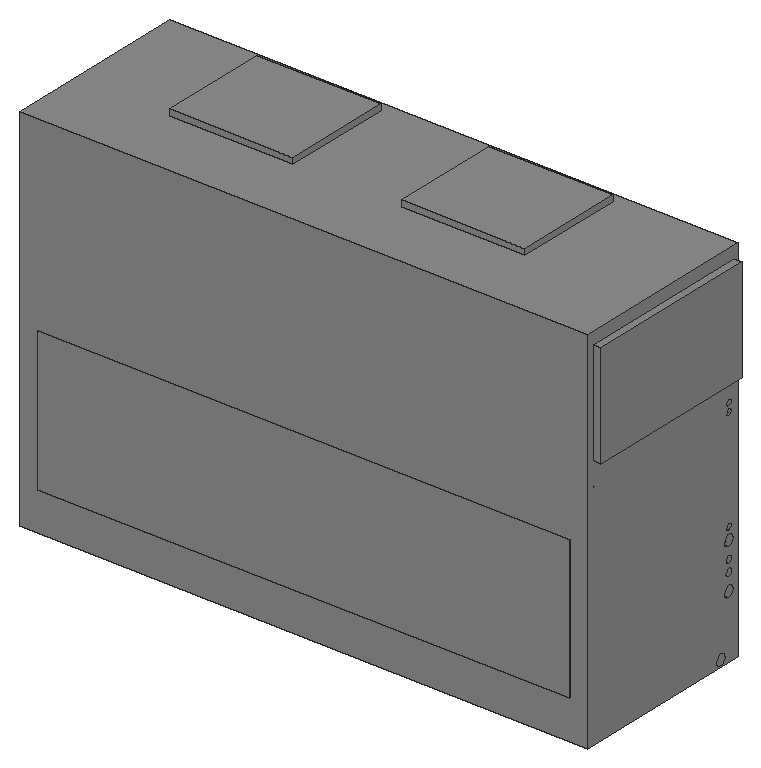
Revit family
Parameters (values of type "40RUA28")
  Width = 2' - 8 5/8"
  Voltage = 0 V
  Version = 1
  Unit Material = Paint - Carrier - American Sterling Gray
  UV-C Germicidal Lamp [instance] = no
  URL = "www.carrier.com"
  Type Comments = "25 Tons DX Coil Packed Air-Handling Unit"
  Top Duct Width = 1' - 7 1/16"
  Top Duct Length = 1' - 9 9/16"
  Top Duct Height = 0' - 1"
  TXV Bulb Connection Size = 7/8"
  TXV Bulb Connection Radius = TXV Bulb Connection Size / 2  # 0' - 0 7/16"
  Suction Connection Size = 1 3/8"
  Suction Connection Radius = Suction Connection Size / 2  # 0' - 0 11/16"
  Subbase [instance] = no
  Steam Heating Coil [instance] = no
  Right Clearance = 2' - 6"
  Return Air Intake Length = 7' - 8 3/4"
  Return Air Grille [instance] = no
  Programmable Thermostats [instance] = no
  Prepainted Units [instance] = no
  Overhead Suspension Package [instance] = no
  Model = "40RUA28"
  Manufacturer = "Carrier"  # constant formula
  MOCP = 0 A
  MCA = 0 A
  Liquid Connection Size = 5/8"
  Liquid Connection Radius = Liquid Connection Size / 2  # 0' - 0 5/16"
  Length = 8' - 3"
  Left Clearance = 2' - 6"
  Hot Water Heating Coils [instance] = no
  Height = 5' - 4 9/16"
  Front Return Air Intake Height = 2' - 0 11/16"
  Front Clearance = 2' - 6"
  Fan Radius = 1' - 0"
  Electric Heat [instance] = no
  Economizer [instance] = no
  Drain Connection Size = 1 1/4"
  Drain Connection Radius = Drain Connection Size / 2  # 0' - 0 5/8"
  Disclaimer = "Manufacturer reserves the right to change, at any time, specifications and designs without notice and without obligation.  Please verify critical parameters with local Carrier commercial sales office."  # constant formula
  Discharge Plenum [instance] = no
  Condensate Drain Trap [instance] = no
  CO2 Sensors [instance] = no
  CFM Per Duct [instance] = 0 CFM
  CFM (nominal) = 0 CFM
  Bottom Return Air Intake Depth = 1' - 10"
  Back Clearance = 0' - 3"
  Assembly Code = "D3050200"
  Alternate Fan Motors [instance] = no
  Alternate Drives [instance] = no
Types (5): name | Type Comments | Top Duct Width | Top Duct Length | Suction Connection Size | Suction Connection Radius | Return Air Intake Length | Model | Liquid Connection Size | Liquid Connection Radius
  (no name) | "25 Tons DX Coil Packed Air-Handling Unit" | 1' - 7 1/16" | 1' - 9 9/16" | 1 3/8" | 0' - 0 11/16" | 7' - 8 3/4" | "40RUA28" | 5/8" | 0' - 0 5/16"
  40RUA28 | "25 Tons DX Coil Packed Air-Handling Unit" | 1' - 7 1/16" | 1' - 9 9/16" | 1 3/8" | 0' - 0 11/16" | 7' - 8 3/4" | "40RUA28" | 5/8" | 0' - 0 5/16"
  40RUA30 | "30 Tons DX Coil Packed Air-Handling Unit" | 1' - 7" | 1' - 9" | 1 3/8" | 0' - 0 11/16" | 6' - 10 3/4" | "40RUA30" | 5/8" | 0' - 0 5/16"
  40RUS28 | "25 Tons Chilled Water Coil Packed Air-Handling Unit" | 1' - 7" | 1' - 9" | 2 1/8" | 0' - 1 1/16" | 6' - 10 3/4" | "40RUS28" | 2 1/8" | 0' - 1 1/16"
  40RUS30 | "30 Tons Chilled Water Coil Packed Air-Handling Unit" | 1' - 7" | 1' - 9" | 2 1/8" | 0' - 1 1/16" | 6' - 10 3/4" | "40RUS30" | 2 1/8" | 0' - 1 1/16"
Reference planes (in)
  plane 1 "Center (Front/Back)": y = 0
  plane 2: z = 0
  plane 3 "Center (Left/Right)": x = 0
  plane 4 "Bace Face of Unit": y = 16.3125
  plane 5 "Front Face of Unit": y = -16.3125
  plane 6 "Left Face of Unit": x = -49.5
  plane 7 "Right Face of Unit": x = 49.5
  plane 8 "Back Clearance Line": y = 19.3125
  plane 9 "Left Clearance Line": x = -79.5
  plane 10 "Right Clearance Line": x = 79.5
  plane 11 "Front Clearance Line": y = -46.3125
  plane 12 "Top of Unit": z = 64.5625
  plane 13 "Bottom of Unit": z = 0
  plane 14 "Left Top Duct Left Edge": x = -33
  plane 15 "Left Top Duct Right Edge": x = -11.4375
  plane 16 "Top Duct Back Edge": y = 14.6875
  plane 17 "Top Duct Front Edge": y = -4.375
  plane 18 "Top Duct Top": z = 65.5625
  plane 19 "Side Connections Centerline": y = 14.3125
  plane 20 "Lower Suction Connection Centerline": z = 11.0625
  plane 21 "Lower Liquid Connection Centerline": z = 14.0625
  plane 22 "Upper Liquid Connection Centerline": z = 16.0625
  plane 23 "Upper Suction Connection Centerline": z = 19.0625
  plane 24 "TXV Bulb Connection": z = 21.1875
  plane 25 "Top Power Entry Centerline": z = 40.5625
  plane 26 "Lower Power Entry Centerline": z = 39.0625
  plane 27 "Drain Connection Centerline": z = 1.125
  plane 28 "Drain Centerline - Horizontal": y = 12.5625
  plane 29 "Right Top Duct Left Edge": x = 7.4375
  plane 30 "Right Top Duct Right Edge": x = 29
  plane 31 "Right Access Top Edge": z = 62.5625
  plane 32 "Right Access Bottom Edge": z = 44.5625
  plane 33 "Right Access Outisde Face": x = 51
  plane 34 "Right Access Front Edge": y = -15.3125
  plane 35 "Right Access Back Edge": y = 15.3125
  plane 36 "Front Drain Connection": y = -14.3125
  plane 37 "Left Edge of Intake": x = -46.375
  plane 38 "Right Edge of Intake": x = 46.375
  plane 39 "Top Edge of Intake": z = 31.4375
  plane 40 "Bottom Edge of Intake": z = 6.75
  plane 41 "Back Edge of Intake": y = 9.125
  plane 42 "Front Edge of Intake": y = -12.875
Forms (in)
  Extrusion 1, solid, material "Paint - Carrier - American Sterling Gray" <- "Unit Material"
    sketch origin (0, 0, 0) x (1, 0, 0) y (0, 1, 0)
      loop
        line (-49.5, -16.3125) -> (49.5, -16.3125) -> (49.5, 16.3125) -> (-49.5, 16.3125) -> (-49.5, -16.3125)
    from 0 to 64.5625
  Extrusion 2, solid, material "Paint - Carrier - American Sterling Gray" <- "Unit Material", detail levels medium+fine
    sketch origin (0, 0, 64.5625) x (-1, 0, 0) y (0, -1, 0)
      loop
        line (33, 4.375) -> (11.4375, 4.375) -> (11.4375, -14.6875) -> (33, -14.6875) -> (33, 4.375)
    from 0 to 1
  Extrusion 3, solid, material "Paint - Carrier - American Sterling Gray" <- "Unit Material", detail levels fine
    sketch origin (49.5, 0, 0) x (0, 1, 0) y (0, 0, 1)
      loop
        circle (14.3125, 40.5625) r 0.4375
    from 0 to -0.5
  Extrusion 4, solid, material "Paint - Carrier - American Sterling Gray" <- "Unit Material", detail levels fine
    sketch origin (49.5, 0, 0) x (0, 1, 0) y (0, 0, 1)
      loop
        circle (14.3125, 39.0625) r 0.4375
    from 0 to -0.5
  Extrusion 5, solid, material "Paint - Carrier - American Sterling Gray" <- "Unit Material", detail levels fine
    sketch origin (49.5, 0, 0) x (0, 1, 0) y (0, 0, 1)
      loop
        circle (14.3125, 21.1875) r 0.4375
    from 0 to -0.5
  Extrusion 6, solid, material "Paint - Carrier - American Sterling Gray" <- "Unit Material", detail levels fine
    sketch origin (49.5, 0, 0) x (0, 1, 0) y (0, 0, 1)
      loop
        circle (14.3125, 19.0625) r 0.875
    from 0 to -0.5
  Extrusion 7, solid, material "Paint - Carrier - American Sterling Gray" <- "Unit Material", detail levels fine
    sketch origin (49.5, 0, 0) x (0, 1, 0) y (0, 0, 1)
      loop
        circle (14.3125, 16.0625) r 0.5625
    from 0 to -0.5
  Extrusion 8, solid, material "Paint - Carrier - American Sterling Gray" <- "Unit Material", detail levels fine
    sketch origin (49.5, 0, 0) x (0, 1, 0) y (0, 0, 1)
      loop
        circle (14.3125, 14.0625) r 0.5625
    from 0 to -0.5
  Extrusion 9, solid, material "Paint - Carrier - American Sterling Gray" <- "Unit Material", detail levels fine
    sketch origin (49.5, 0, 0) x (0, 1, 0) y (0, 0, 1)
      loop
        circle (14.3125, 11.0625) r 0.875
    from 0 to -0.5
  Extrusion 10, solid, material "Paint - Carrier - American Sterling Gray" <- "Unit Material", detail levels fine
    sketch origin (49.5, 0, 0) x (0, 1, 0) y (0, 0, 1)
      loop
        circle (12.5625, 1.125) r 0.875
    from 0 to -0.5
  Extrusion 11, solid, material "Paint - Carrier - American Sterling Gray" <- "Unit Material", detail levels medium+fine
    sketch origin (0, 0, 64.5625) x (-1, 0, 0) y (0, -1, 0)
      loop
        line (-7.4375, 4.375) -> (-29, 4.375) -> (-29, -14.6875) -> (-7.4375, -14.6875) -> (-7.4375, 4.375)
    from 1 to 0
  Extrusion 12, solid, material "Paint - Carrier - American Sterling Gray" <- "Unit Material", detail levels medium+fine
    sketch origin (49.5, 0, 0) x (0, 1, 0) y (0, 0, 1)
      loop
        line (-15.3125, 44.5625) -> (15.3125, 44.5625) -> (15.3125, 62.5625) -> (-15.3125, 62.5625) -> (-15.3125, 44.5625)
    from 1.5 to 0
  Extrusion 13, solid, material "Paint - Carrier - American Sterling Gray" <- "Unit Material", detail levels fine
    sketch origin (49.5, 0, 0) x (0, 1, 0) y (0, 0, 1)
      loop
        circle (-14.3125, 40.5625) r 0.875
    from 0 to -0.5
  Extrusion 14, solid, material "Paint - Carrier - American Sterling Gray" <- "Unit Material", detail levels medium+fine
    sketch origin (0, -16.3125, 0) x (-1, 0, 0) y (0, 0, 1)
      loop
        line (46.375, 6.75) -> (46.375, 31.4375) -> (-46.375, 31.4375) -> (-46.375, 6.75) -> (46.375, 6.75)
    from 0 to 0.5
  Extrusion 15, solid, material "Paint - Carrier - American Sterling Gray" <- "Unit Material", detail levels medium+fine
    sketch origin (0, 0, 0) x (-1, 0, 0) y (0, -1, 0)
      loop
        line (46.375, 12.875) -> (-46.375, 12.875) -> (-46.375, -9.125) -> (46.375, -9.125) -> (46.375, 12.875)
    from 0 to 0.5
Lines and regions (in)
  symbolic lines, style "Clearance Zones", detail levels fine
    curve 1: line (-79.5, -46.3125, 0) -> (79.5, -46.3125, 0)
    curve 2: line (-79.5, 19.3125, 0) -> (-79.5, -46.3125, 0)
    curve 3: line (79.5, 19.3125, 0) -> (-79.5, 19.3125, 0)
    curve 4: line (79.5, -46.3125, 0) -> (79.5, 19.3125, 0)
  model lines, detail levels medium+fine
    curve 5: line (-47, -16.3125, 3.5) -> (47, -16.3125, 3.5)
    curve 6: line (-47, -16.3125, 35.28125) -> (-47, -16.3125, 3.5)
    curve 7: line (47, -16.3125, 35.28125) -> (-47, -16.3125, 35.28125)
    curve 8: line (47, -16.3125, 3.5) -> (47, -16.3125, 35.28125)
    curve 9: line (-47, -16.3125, 37.78125) -> (47, -16.3125, 37.78125)
    curve 10: line (-47, -16.3125, 62.0625) -> (-47, -16.3125, 37.78125)
    curve 11: line (47, -16.3125, 62.0625) -> (-47, -16.3125, 62.0625)
    curve 12: line (47, -16.3125, 37.78125) -> (47, -16.3125, 62.0625)
    curve 13: line (-49.5, 12.3125, 3.5) -> (-49.5, -12.3125, 3.5)
    curve 14: line (-49.5, 12.3125, 62.0625) -> (-49.5, 12.3125, 3.5)
    curve 15: line (-49.5, -12.3125, 62.0625) -> (-49.5, 12.3125, 62.0625)
    curve 16: line (-49.5, -12.3125, 3.5) -> (-49.5, -12.3125, 62.0625)
    curve 17: line (49.5, -12.3125, 3.5) -> (49.5, 12.3125, 3.5)
    curve 18: line (49.5, -12.3125, 44.5625) -> (49.5, -12.3125, 3.5)
    curve 19: line (49.5, 12.3125, 44.5625) -> (49.5, -12.3125, 44.5625)
    curve 20: line (49.5, 12.3125, 3.5) -> (49.5, 12.3125, 44.5625)
Dimensions and locks (in)
  equal spacing: plane 6 "Left Face of Unit", plane 3 "Center (Left/Right)", plane 7 "Right Face of Unit"
  "Length": plane 6 "Left Face of Unit" to plane 7 "Right Face of Unit"
  equal spacing: plane 4 "Bace Face of Unit", plane 1 "Center (Front/Back)", plane 5 "Front Face of Unit"
  "Width": plane 4 "Bace Face of Unit" to plane 5 "Front Face of Unit"
  "Left Clearance": plane 9 "Left Clearance Line" to plane 6 "Left Face of Unit"
  "Right Clearance": plane 7 "Right Face of Unit" to plane 10 "Right Clearance Line"
  "Back Clearance": plane 8 "Back Clearance Line" to plane 4 "Bace Face of Unit"
  "Front Clearance": plane 5 "Front Face of Unit" to plane 11 "Front Clearance Line"
  "Height": plane 12 "Top of Unit" to level
  locked: plane 6 "Left Face of Unit" to plane 14 "Left Top Duct Left Edge" at 16.5
  "Top Duct Length": plane 14 "Left Top Duct Left Edge" to plane 15 "Left Top Duct Right Edge"
  "Top Duct Width": plane 16 "Top Duct Back Edge" to plane 17 "Top Duct Front Edge"
  locked: plane 4 "Bace Face of Unit" to plane 16 "Top Duct Back Edge" at 1.625
  "Top Duct Height": plane 18 "Top Duct Top" to plane 12 "Top of Unit"
  locked: curve 10 to plane 6 "Left Face of Unit" at 2.5
  locked: plane 7 "Right Face of Unit" to curve 12 at 2.5
  locked: plane 12 "Top of Unit" to curve 11 at 2.5
  locked: curve 11 to curve 9 at 24.28125
  locked: curve 9 to curve 7 at 2.5
  locked: curve 5 to plane 13 "Bottom of Unit" at 3.5
  plane 4 "Bace Face of Unit" to curve 14 = 0' - 4"
  curve 16 to plane 5 "Front Face of Unit" = 0' - 4"
  curve 13 to plane 13 "Bottom of Unit" = 0' - 3 1/2"
  plane 12 "Top of Unit" to curve 15 = 0' - 2 1/2"
  locked: plane 19 "Side Connections Centerline" to plane 4 "Bace Face of Unit" at 2
  locked: plane 20 "Lower Suction Connection Centerline" to plane 13 "Bottom of Unit" at 11.0625
  locked: plane 21 "Lower Liquid Connection Centerline" to plane 13 "Bottom of Unit" at 14.0625
  locked: plane 22 "Upper Liquid Connection Centerline" to plane 13 "Bottom of Unit" at 16.0625
  locked: plane 23 "Upper Suction Connection Centerline" to plane 13 "Bottom of Unit" at 19.0625
  locked: plane 24 "TXV Bulb Connection" to plane 13 "Bottom of Unit" at 21.1875
  plane 26 "Lower Power Entry Centerline" to plane 13 "Bottom of Unit" = 3' - 3 1/16"
  locked: plane 25 "Top Power Entry Centerline" to plane 13 "Bottom of Unit" at 40.5625
  locked: plane 28 "Drain Centerline - Horizontal" to plane 4 "Bace Face of Unit" at 3.75
  locked: plane 15 "Left Top Duct Right Edge" to plane 29 "Right Top Duct Left Edge" at 18.875
  "Top Duct Length": plane 29 "Right Top Duct Left Edge" to plane 30 "Right Top Duct Right Edge"
  locked: plane 12 "Top of Unit" to plane 31 "Right Access Top Edge" at 2
  locked: plane 31 "Right Access Top Edge" to plane 32 "Right Access Bottom Edge" at 18
  locked: plane 7 "Right Face of Unit" to plane 33 "Right Access Outisde Face" at 1.5
  locked: plane 5 "Front Face of Unit" to plane 34 "Right Access Front Edge" at 1
  locked: plane 35 "Right Access Back Edge" to plane 4 "Bace Face of Unit" at 1
  locked: plane 5 "Front Face of Unit" to plane 36 "Front Drain Connection" at 2
  locked: plane 37 "Left Edge of Intake" to plane 6 "Left Face of Unit" at 3.125
  "Return Air Intake Length": plane 38 "Right Edge of Intake" to plane 37 "Left Edge of Intake"
  locked: plane 40 "Bottom Edge of Intake" to plane 13 "Bottom of Unit" at 6.75
  "Front Return Air Intake Height": plane 39 "Top Edge of Intake" to plane 40 "Bottom Edge of Intake"
  locked: Extrusion 14 to plane 5 "Front Face of Unit" at 0.5
  locked: plane 42 "Front Edge of Intake" to plane 5 "Front Face of Unit" at 3.4375
  "Bottom Return Air Intake Depth": plane 41 "Back Edge of Intake" to plane 42 "Front Edge of Intake"
  locked: Extrusion 15 to plane 13 "Bottom of Unit" at 0.5
  radius of Extrusion 3 sketch curve = 0' - 0 7/16"
  radius of Extrusion 4 sketch curve = 0' - 0 7/16"
  radius of Extrusion 5 sketch curve = 0' - 0 7/16"
  radius of Extrusion 6 sketch curve = 0' - 0 7/8"
  radius of Extrusion 7 sketch curve = 0' - 0 9/16"
  radius of Extrusion 8 sketch curve = 0' - 0 9/16"
  radius of Extrusion 9 sketch curve = 0' - 0 7/8"
  radius of Extrusion 10 sketch curve = 0' - 0 7/8"
  radius of Extrusion 13 sketch curve = 0' - 0 7/8"
  aligned and locked: level to plane 2
  aligned and locked: plane 8 "Back Clearance Line" to curve 3
  aligned and locked: plane 10 "Right Clearance Line" to curve 4
  aligned and locked: curve 1 to plane 11 "Front Clearance Line"
  aligned and locked: curve 2 to plane 9 "Left Clearance Line"
  aligned and locked: level to plane 13 "Bottom of Unit"
  aligned and locked: plane 4 "Bace Face of Unit" to Extrusion 1 sketch curve
  aligned and locked: Extrusion 1 sketch curve to plane 6 "Left Face of Unit"
  aligned and locked: plane 7 "Right Face of Unit" to Extrusion 1
  aligned and locked: Extrusion 1 to plane 5 "Front Face of Unit"
  aligned and locked: plane 12 "Top of Unit" to Extrusion 1
  aligned and locked: Extrusion 1 to plane 13 "Bottom of Unit"
  aligned and locked: plane 16 "Top Duct Back Edge" to Extrusion 2 sketch curve
  aligned and locked: plane 15 "Left Top Duct Right Edge" to Extrusion 2 sketch curve
  aligned and locked: Extrusion 2 sketch curve to plane 14 "Left Top Duct Left Edge"
  aligned and locked: Extrusion 2 sketch curve to plane 17 "Top Duct Front Edge"
  aligned and locked: Extrusion 2 to plane 12 "Top of Unit"
  aligned and locked: plane 18 "Top Duct Top" to Extrusion 2
  aligned and locked: curve 10 to curve 6
  aligned and locked: curve 8 to curve 12
  aligned and locked: curve 18 to curve 16
  aligned and locked: curve 17 to curve 13
  aligned and locked: curve 20 to curve 14
  aligned and locked: plane 19 "Side Connections Centerline" to Extrusion 3 sketch curve
  aligned and locked: plane 25 "Top Power Entry Centerline" to Extrusion 3 sketch curve
  aligned and locked: plane 7 "Right Face of Unit" to Extrusion 3
  aligned and locked: plane 19 "Side Connections Centerline" to Extrusion 4 sketch curve
  aligned and locked: plane 26 "Lower Power Entry Centerline" to Extrusion 4 sketch curve
  aligned and locked: plane 19 "Side Connections Centerline" to Extrusion 5 sketch curve
  aligned and locked: plane 24 "TXV Bulb Connection" to Extrusion 5 sketch curve
  aligned and locked: plane 23 "Upper Suction Connection Centerline" to Extrusion 6 sketch curve
  aligned and locked: plane 19 "Side Connections Centerline" to Extrusion 6 sketch curve
  aligned and locked: plane 19 "Side Connections Centerline" to Extrusion 7 sketch curve
  aligned and locked: plane 22 "Upper Liquid Connection Centerline" to Extrusion 7 sketch curve
  aligned and locked: plane 19 "Side Connections Centerline" to Extrusion 8 sketch curve
  aligned and locked: plane 21 "Lower Liquid Connection Centerline" to Extrusion 8 sketch curve
  aligned and locked: plane 19 "Side Connections Centerline" to Extrusion 9 sketch curve
  aligned and locked: plane 20 "Lower Suction Connection Centerline" to Extrusion 9 sketch curve
  aligned and locked: plane 28 "Drain Centerline - Horizontal" to Extrusion 10 sketch curve
  aligned and locked: plane 27 "Drain Connection Centerline" to Extrusion 10 sketch curve
  aligned and locked: plane 7 "Right Face of Unit" to Extrusion 10
  aligned and locked: plane 7 "Right Face of Unit" to Extrusion 9
  aligned and locked: plane 7 "Right Face of Unit" to Extrusion 8
  aligned and locked: plane 7 "Right Face of Unit" to Extrusion 7
  aligned and locked: plane 7 "Right Face of Unit" to Extrusion 6
  aligned and locked: plane 7 "Right Face of Unit" to Extrusion 5
  aligned and locked: plane 7 "Right Face of Unit" to Extrusion 4
  aligned and locked: plane 30 "Right Top Duct Right Edge" to Extrusion 11 sketch curve
  aligned and locked: Extrusion 11 sketch curve to plane 29 "Right Top Duct Left Edge"
  aligned and locked: plane 16 "Top Duct Back Edge" to Extrusion 11 sketch curve
  aligned and locked: Extrusion 11 sketch curve to plane 17 "Top Duct Front Edge"
  aligned and locked: Extrusion 11 to plane 12 "Top of Unit"
  aligned and locked: plane 18 "Top Duct Top" to Extrusion 11
  aligned and locked: plane 32 "Right Access Bottom Edge" to curve 19
  aligned and locked: plane 35 "Right Access Back Edge" to Extrusion 12 sketch curve
  aligned and locked: Extrusion 12 sketch curve to plane 34 "Right Access Front Edge"
  aligned and locked: plane 31 "Right Access Top Edge" to Extrusion 12 sketch curve
  aligned and locked: Extrusion 12 sketch curve to plane 32 "Right Access Bottom Edge"
  aligned and locked: Extrusion 12 to plane 7 "Right Face of Unit"
  aligned and locked: plane 33 "Right Access Outisde Face" to Extrusion 12
  aligned and locked: plane 36 "Front Drain Connection" to Extrusion 13 sketch curve
  aligned and locked: plane 25 "Top Power Entry Centerline" to Extrusion 13 sketch curve
  aligned and locked: plane 7 "Right Face of Unit" to Extrusion 13
  aligned and locked: plane 39 "Top Edge of Intake" to Extrusion 14 sketch curve
  aligned and locked: plane 38 "Right Edge of Intake" to Extrusion 14 sketch curve
  aligned and locked: Extrusion 14 sketch curve to plane 37 "Left Edge of Intake"
  aligned and locked: Extrusion 14 sketch curve to plane 40 "Bottom Edge of Intake"
  aligned and locked: Extrusion 14 to plane 5 "Front Face of Unit"
  aligned and locked: Extrusion 15 sketch curve to plane 42 "Front Edge of Intake"
  aligned and locked: plane 41 "Back Edge of Intake" to Extrusion 15 sketch curve
  aligned and locked: Extrusion 15 sketch curve to plane 37 "Left Edge of Intake"
  aligned and locked: plane 38 "Right Edge of Intake" to Extrusion 15 sketch curve
  aligned and locked: Extrusion 15 to plane 13 "Bottom of Unit"
Automatic sketch dimensions
  Extrusion 1 sketch curve to plane 7 "Right Face of Unit" = 0' - 0"
  plane 5 "Front Face of Unit" to Extrusion 1 sketch curve = 0' - 0"
Connectors (in)
  hvac at (-22.21875, 5.15625, 65.5625), driven by "Top Duct Length", driven by "Top Duct Width", driven by "CFM Per Duct"
    settings: on Extrusion 2, index 1, duct flow 0 CFM, flow factor 0, pres drop 0.00 in-wg, loss coef 0, conn angle 0.00°, conn width 21 9/16", conn height 19 1/16", conn radius 12", duct sys type 1, conn prof type 1, flow config 0, flow direction 2, loss method 0, conn ref index -1, conn util no, is conn primary yes, conn desc "Left Top Supply Air"
  piping at (49.5, 12.5625, 1.125), driven by "Drain Connection Radius"
    settings: on Extrusion 10, index 2, connector radius 5/8", flow factor 0, pipe flow 0 GPM, pressure drop 0.00 psi, fitting loss kfactor 0, connector angle 0.00°, fixture units 0, flow configuration 0, flow direction 2, fitting loss method 0, system type 16, connector reference index -1, connector utility 0, adjustable connector no, is connector primary yes, fitting loss table "", connector description "Bottom Drain"
  piping at (49.5, 14.3125, 11.0625), driven by "Suction Connection Radius"
    settings: on Extrusion 9, index 3, connector radius 11/16", flow factor 0, pipe flow 0 GPM, pressure drop 0.00 psi, fitting loss kfactor 0, connector angle 0.00°, fixture units 0, flow configuration 1, flow direction 2, fitting loss method 0, system type 22, connector reference index -1, connector utility 0, adjustable connector no, is connector primary no, fitting loss table "", connector description "Lower Suction Connection"
  piping at (49.5, 14.3125, 14.0625), driven by "Liquid Connection Radius"
    settings: on Extrusion 8, index 4, connector radius 5/16", flow factor 0, pipe flow 0 GPM, pressure drop 0.00 psi, fitting loss kfactor 0, connector angle 0.00°, fixture units 0, flow configuration 1, flow direction 1, fitting loss method 0, system type 22, connector reference index -1, connector utility 0, adjustable connector no, is connector primary no, fitting loss table "", connector description "Lower Liquid Connection"
  piping at (49.5, 14.3125, 16.0625), driven by "Liquid Connection Radius"
    settings: on Extrusion 7, index 5, connector radius 5/16", flow factor 0, pipe flow 0 GPM, pressure drop 0.00 psi, fitting loss kfactor 0, connector angle 0.00°, fixture units 0, flow configuration 1, flow direction 1, fitting loss method 0, system type 22, connector reference index -1, connector utility 0, adjustable connector no, is connector primary no, fitting loss table "", connector description "Upper Liquid Connection"
  piping at (49.5, 14.3125, 19.0625), driven by "Suction Connection Radius"
    settings: on Extrusion 6, index 6, connector radius 11/16", flow factor 0, pipe flow 0 GPM, pressure drop 0.00 psi, fitting loss kfactor 0, connector angle 0.00°, fixture units 0, flow configuration 1, flow direction 2, fitting loss method 0, system type 22, connector reference index -1, connector utility 0, adjustable connector no, is connector primary no, fitting loss table "", connector description "Upper Suction Connection"
  piping at (49.5, 14.3125, 21.1875), driven by "TXV Bulb Connection Radius"
    settings: on Extrusion 5, index 7, connector radius 7/16", flow factor 0, pipe flow 0 GPM, pressure drop 0.00 psi, fitting loss kfactor 0, connector angle 0.00°, fixture units 0, flow configuration 1, flow direction 1, fitting loss method 0, system type 22, connector reference index -1, connector utility 0, adjustable connector no, is connector primary no, fitting loss table "", connector description "TXV Bulb"
  electrical at (49.5, 14.3125, 40.5625)
    settings: on Extrusion 3, index 8, voltage 0 V, apparent load 0 VA, apparent load phase1 0 VA, apparent load phase2 0 VA, apparent load phase3 0 VA, power factor 1, load classification "Power", number of poles 3, system type 30, power factor state 1, is connector primary yes, connector utility no, sub classification motor no, connector description "Power Supply"
  electrical at (49.5, 14.3125, 39.0625)
    settings: on Extrusion 4, index 9, voltage 0 V, apparent load 0 VA, apparent load phase1 0 VA, apparent load phase2 0 VA, apparent load phase3 0 VA, power factor 1, load classification "Motor", number of poles 3, system type 30, power factor state 1, is connector primary no, connector utility no, sub classification motor no, connector description "Optional Fan Motor"
  hvac at (18.21875, 5.15625, 65.5625), driven by "CFM Per Duct", driven by "Top Duct Length", driven by "Top Duct Width"
    settings: on Extrusion 11, index 10, duct flow 0 CFM, flow factor 0, pres drop 0.00 in-wg, loss coef 0, conn angle 0.00°, conn width 21 9/16", conn height 19 1/16", conn radius 12", duct sys type 1, conn prof type 1, flow config 1, flow direction 2, loss method 0, conn ref index -1, conn util no, is conn primary no, conn desc "Right Top Supply Air"
  hvac at (0, -16.3125, 19.09375), driven by "Return Air Intake Length", driven by "Front Return Air Intake Height"
    settings: on Extrusion 14, index 11, duct flow 0 CFM, flow factor 0, pres drop 0.00 in-wg, loss coef 0, conn angle 0.00°, conn width 92 3/4", conn height 24 11/16", conn radius 12", duct sys type 2, conn prof type 1, flow config 0, flow direction 1, loss method 0, conn ref index -1, conn util no, is conn primary no, conn desc "Front Return Air Intake"
  hvac at (0, -1.875, 0), driven by "Return Air Intake Length", driven by "Bottom Return Air Intake Depth"
    settings: on Extrusion 15, index 12, duct flow 0 CFM, flow factor 0, pres drop 0.00 in-wg, loss coef 0, conn angle 0.00°, conn width 92 3/4", conn height 22", conn radius 12", duct sys type 2, conn prof type 1, flow config 0, flow direction 1, loss method 0, conn ref index -1, conn util no, is conn primary no, conn desc "Bottom Return Air Intake"
